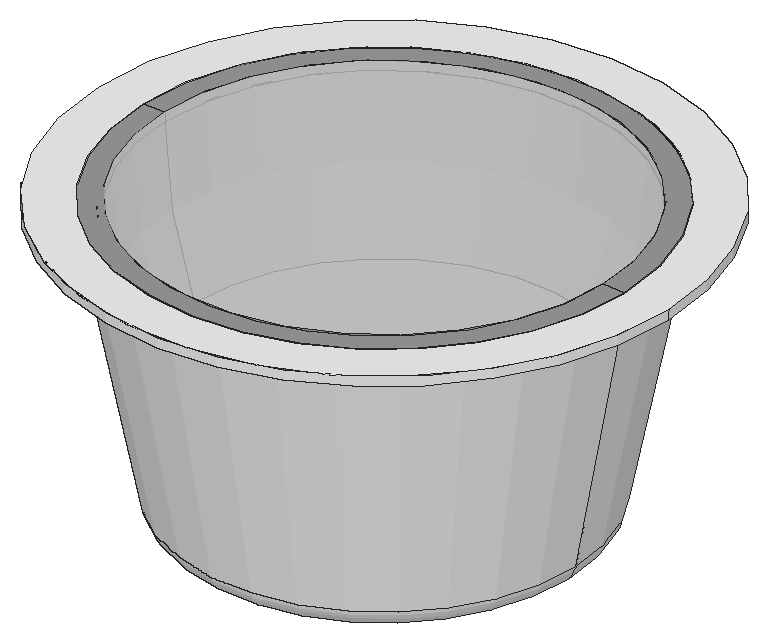
Revit family "2060557 Sylvania Lighting Fixture ASCENT 100 II ARCH 1900 4K DALI 160", category Lighting Fixtures, host Face, Revit 2016
Family settings
  Host = Face
  Part Type = Normal
  Round Connector Dimension = Use Diameter
  OmniClass Number = 23.80.70.11.17
  OmniClass Title = Specialized Lighting by Location or Use
  Cut with Voids When Loaded = No
  Light Source = Yes
  Shared = No
  Room Calculation Point = No
Parameters (values of type "2060557 ASCT100 II ARCH 1900 4K DALI 160")
  WidthBezelAcc_SYL = 25.0 mm
  Weight = "1.2 kg"
  Wattage = 17 W
  WarrantyStartDate [instance] = "n/a"
  WarrantyGuarantorParts = "n/a"
  WarrantyDurationUnit = "n/a"
  WarrantyDurationParts = "n/a"
  WarrantyDescription = "n/a"
  built-in parameter 1150110 = 1 (stored number, unit not read)
  Voltage = 0 V
  VisibilityAccessory_SYL = no
  TypeName = "ASCENT 100 II ARCH 1900 4K DALI 160"
  built-in parameter 1114217 = 1 (stored number, unit not read)
  Tilt Angle = -90°
  built-in parameter 1150109 = 1 (stored number, unit not read)
  built-in parameter 1150134 = 12
  built-in parameter 1150113 = 1 (stored number, unit not read)
  SerialNumber [instance] = "n/a"
  ReflectorRadius_SYL = Radius_SYL - 14.5 mm  # 80.0 mm
  RadiusAcc_SYL = 105.0 mm
  Radius_SYL = 94.5 mm
  URL = "http://www.sylvania-lighting.com"
  PowerFactor = 0
  PowerConsumption = "17 W"
  Photometric Web File = "2060557.ies"
  NominalWidth = 0.0 mm
  NominalLength = 0.0 mm
  NominalHeight = 94.0 mm
  Name = "ASCENT 100 II ARCH 1900 4K DALI 160"
  ModelReference = "ASCENT 100 II ARCH 1900 4K DALI 160"
  ModelNumber = "2060557"
  Material_4_SYL = none
  Material_3_SYL = Polycarbonate_Sylvania_Ascent_Opal
  Material_2_SYL = Aluminium_Sylvania_Ascent_Silver
  Material_1_SYL = Aluminum_Sylvania_Ascent_White
  Material = "aluminium housing, arcylic diffuser"
  ManufacturerName = "Feilo Sylvania"
  LuminousEfficacy = "113 lm/W"
  built-in parameter 1150105 = 152.87 (stored number, unit not read)
  Lumens = 1921 lm
  LuminaireType = ""
  built-in parameter 1150115 = 1 (stored number, unit not read)
  LightOutputRatio = "100"
  built-in parameter 1150137 = (empty or 0)
  built-in parameter 1150139 = (empty or 0)
  LampsType = Lamp  # "LED"
  LampNominalLuminous = "1921 lm"
  LampMacAdamStep = "3"
  LampColourTemperature = "4000 K"
  LampColourRenderingIndex = "80"
  built-in parameter 1150112 = 1 (stored number, unit not read)
  built-in parameter 1150114 = 1 (stored number, unit not read)
  Keynote = "16500"
  InstallationDate [instance] = "n/a"
  InputVoltage = "n/a"
  InputNominalFrequency = "n/a"
  built-in parameter 1150132 = (empty or 0)
  built-in parameter 1150102 = (empty or 0)
  built-in parameter 1150107 = 4000 (stored number, unit not read)
  built-in parameter 1150138 = (empty or 0)
  IngressProtection = "IP40"
  ImpactProtectionIndex = "IK02"
  built-in parameter 1150106 = 1.5287 (stored number, unit not read)
  IfcExportType = "IfcLightFixtureType"
  IfcExportAs = "IfcLightFixtureType"
  Height_SYL = 94.0 mm
  HeightAcc_SYL = 7.0 mm
  ExpectedLife = 50000
  EmittionSurface_SYL = if(VisibilityAccessory_SYL, 7.0 mm, 3.0 mm)  # 3.0 mm
  Emit from Circle Diameter = DiffuserRadius_SYL * 2  # 146.0 mm
  Emit Shape Visible in Rendering = no
  ElectricShockClassification = "Class II"
  built-in parameter 1150104 = 10.498 (stored number, unit not read)
  DurationUnit = "hours"
  DocumentationLiterature = "http://www.sylvania-lighting.com/product/en-int/products/2060557"
  DimmingControlOptions = "n/a"
  Dimming Lamp Color Temperature Shift = <None>
  DiffuserRadius_SYL = ReflectorRadius_SYL - 7.0 mm  # 73.0 mm
  Diameter_SYL = 2 * Radius_SYL  # 189.0 mm
  CutoutDiameter_SYL = Diameter_SYL - 13.0 mm  # 176.0 mm
  CreatedOn = "9/17/2018"
  CreatedBy = "@sylvania-lighting.com"
  Color Filter = 16777215
  built-in parameter 1114216 [instance] = 1 (stored number, unit not read)
  Model = "ASCENT 100 II ARCH 1900 4K DALI 160"
  Manufacturer = "Feilo Sylvania"
  Lamp = "LED"
  Description = "Direct LED retro fit for original LED 100 Arch (160) single CFL lamp offering Matching lumen levels and improved light distribution of original LED 100 CFL lamp equivalents Typically half the power consumption compared to CFL Up to 112lm/W 160mm aperture Architectural reflector accepts range of glass accessories from existing LED 100 Arch 160 offering HE, HO and VHO versions equivalent of single 1 x 18W, 1 x 32W, 1 x 42W\r\n Additional VVHO versions which offer the performance circa 2 x 32W equivalent"  # constant formula
  Default Elevation = 0.0 mm
  built-in parameter 1140040 [instance] = 1
  BarCode [instance] = "n/a"
  built-in parameter 1114218 = 1 (stored number, unit not read)
  built-in parameter 1150133 = 10 (stored number, unit not read)
  AssetType = "Fixed"
  AssetIdentifier [instance] = "n/a"
  Assembly Code = "D5020200"
  Apparent Load = 17 VA
  Aperture_SYL = 2 * ReflectorRadius_SYL  # 160.0 mm
Reference planes
  plane 1 "Center (Front/Back)": y = 0
  plane 2: z = 0
  plane 3 "Center (Left/Right)": x = 0
  plane 4 "Fixture Bottom": z = 3
  plane 5: z = -52.5
  plane 6 "Fixture Top": z = -91
  plane 7: x = -105
  plane 8: z = 7
  plane 9: x = -80
  plane 10: z = 5
  plane 11: x = -103
Forms (mm)
  Extrusion 1, solid, material "Aluminum_Sylvania_Ascent_White", detail levels fine
    sketch origin (0, 0, 0) x (1, 0, 0) y (0, 1, 0)
      loop
        circle (0, 0) r 94.5
      loop
        circle (0, 0) r 80
    from 0 to 3
  Extrusion 2, void
    sketch origin (0, 0, 0) x (1, 0, 0) y (0, 1, 0)
      loop
        circle (0, 0) r 88
    from -91 to 3
  Revolve 3, solid, material "Aluminum_Sylvania_Ascent_White" <- "Material_1_SYL", detail levels fine
    sketch origin (0, 0, 0) x (1, 0, 0) y (0, 0, 1)
      loop
        line (0, -91.073) -> (0, -89.023) -> (-55.468, -89.014)
        arc (-55.468, -89.014) -> (-59.352, -87.613) -> (-61.54, -84.139) r 6.307
        line (-61.54, -84.139) -> (-77.991, -2.844) -> (-77.991, 0) -> (-80, 0) -> (-80, -3) -> (-63.5, -84.536)
        arc (-63.5, -84.536) -> (-60.643, -89.203) -> (-55.5, -91.073) r 8.291
        line (-55.5, -91.073) -> (0, -91.073)
      axis (0, 0) -> (0, -91.073)
    angle from 0 to 360
  Revolve 4, solid, material "Aluminium_Sylvania_Ascent_Silver" <- "Material_2_SYL", detail levels fine
    sketch origin (0, 0, 0) x (1, 0, 0) y (0, 0, 1)
      loop
        line (-80, 3) -> (-80, 0) -> (-75, 0)
        arc (-75, 0) -> (-72.349, -26.77) -> (-64.5, -52.5) r 136.5
        line (-64.5, -52.5) -> (-58, -52.5)
        arc (-58, -52.5) -> (-56.857, -61.521) -> (-53.5, -69.971) r 36.166
        line (-53.5, -69.971) -> (0, -69.971) -> (0, -50.5) -> (-63.16, -50.5)
        arc (-63.16, -50.5) -> (-70.517, -25.725) -> (-73, 0) r 134.5
        line (-73, 0) -> (-73, 3) -> (-80, 3)
      axis (0, 3) -> (0, -69.971)
    angle from 0 to 360
  Extrusion 5, solid, material "Polycarbonate_Sylvania_Ascent_Opal" <- "Material_3_SYL", detail levels fine
    sketch origin (0, 0, 0) x (1, 0, 0) y (0, 1, 0)
      loop
        circle (0, 0) r 73
    from 0 to 3
  Revolve 6, solid, material "Aluminum_Sylvania_Ascent_White" <- "Material_1_SYL", detail levels coarse+medium
    sketch origin (0, 0, 0) x (1, 0, 0) y (0, 0, 1)
      loop
        line (0, -91.073) -> (0, 3) -> (-94.5, 3) -> (-94.5, 0) -> (-79.5, 0) -> (-79.5, -3) -> (-63, -84.536)
        arc (-63, -84.536) -> (-60.143, -89.203) -> (-55, -91.073) r 8.291
        line (-55, -91.073) -> (0, -91.073)
      axis (0, 3) -> (0, -91.073)
    angle from 0 to 360
  Revolve 7, solid, material "Aluminum_Sylvania_Ascent_White" <- "Material_1_SYL", visible <- "VisibilityAccessory_SYL"
    sketch origin (0, 0, 0) x (1, 0, 0) y (0, 0, 1)
      loop
        line (-105, 0) -> (-103, 0) -> (-103, 5) -> (-80, 5) -> (-80, 7) -> (-105, 7) -> (-105, 0)
      axis (0, 7) -> (0, 0)
    angle from 0 to 360
  Revolve 8, solid, material "Polycarbonate_Sylvania_Ascent_Opal" <- "Material_3_SYL", visible <- "VisibilityAccessory_SYL"
    sketch origin (0, 0, 0) x (1, 0, 0) y (0, 0, 1)
      loop
        line (-80, 7) -> (-80, 5) -> (0, 5) -> (0, 7) -> (-80, 7)
      axis (0, 7) -> (0, 5)
    angle from 0 to 360
Lines and regions (mm)
  reference lines
    curve 1: line (-150, 0, 3) -> (125, 0, 3)
Dimensions and locks
  locked: plane 4 "Fixture Bottom" to plane 2 at 3
  "Height_SYL": plane 4 "Fixture Bottom" to plane 6 "Fixture Top"
  "ReflectorRadius_SYL": plane 3 "Center (Left/Right)" to Revolve 4 sketch curve
  locked: Revolve 4 sketch curve to Revolve 4 sketch curve at 15.5
  locked: Revolve 4 sketch curve to Revolve 4 sketch curve at 5
  locked: Revolve 4 sketch curve to Revolve 4 sketch curve at 7
  locked: Revolve 4 sketch curve to Revolve 4 sketch curve at 22
  locked: Revolve 4 sketch curve to Revolve 4 sketch curve at 26.5
  locked: Revolve 3 sketch curve to Revolve 3 sketch curve at 16.5
  locked: Revolve 3 sketch curve to Revolve 3 sketch curve at 24.5
  "ReflectorRadius_SYL": Revolve 3 sketch curve to plane 3 "Center (Left/Right)"
  locked: Revolve 3 sketch curve to plane 6 "Fixture Top" at 6.464
  locked: plane 2 to Revolve 3 sketch curve at 3
  locked: Revolve 3 sketch curve to Revolve 3 sketch curve at 2
  locked: Revolve 3 sketch curve to Revolve 3 sketch curve at 2.009
  locked: plane 2 to plane 5 at 52.5
  locked: Revolve 6 sketch curve to Revolve 6 sketch curve at 31.5
  locked: Revolve 6 sketch curve to Revolve 6 sketch curve at 39.5
  locked: Revolve 6 sketch curve to Revolve 6 sketch curve at 15
  "Radius_SYL": plane 3 "Center (Left/Right)" to Revolve 6 sketch curve
  "RadiusAcc_SYL": plane 3 "Center (Left/Right)" to plane 7
  "HeightAcc_SYL": plane 8 to level
  "WidthBezelAcc_SYL": plane 7 to plane 9
  locked: plane 7 to plane 11 at 2
  locked: plane 8 to plane 10 at 2
  "EmittionSurface_SYL": curve 1 to level
  "CutoutDiameter_SYL": diameter of Extrusion 2 sketch curve
  "ReflectorRadius_SYL": radius of Extrusion 1 sketch curve
  "DiffuserRadius_SYL": radius of Extrusion 5 sketch curve
  "Radius_SYL": radius of Extrusion 1 sketch curve
  aligned and locked: host face to plane 2
  aligned and locked: host face to level
  aligned and locked: plane 4 "Fixture Bottom" to Extrusion 1
  aligned and locked: Extrusion 1 to plane 2
  aligned and locked: Revolve 3 sketch curve to plane 3 "Center (Left/Right)"
  aligned and locked: Revolve 4 sketch curve to plane 3 "Center (Left/Right)"  (x2)
  aligned and locked: plane 4 "Fixture Bottom" to Revolve 4 sketch curve
  aligned and locked: Extrusion 5 to plane 2
  aligned and locked: plane 2 to Revolve 3 sketch curve  (x2)
  aligned and locked: Revolve 6 sketch curve to plane 3 "Center (Left/Right)"
  aligned and locked: plane 6 "Fixture Top" to Extrusion 2
  aligned and locked: Revolve 7 sketch curve to plane 3 "Center (Left/Right)"
  aligned and locked: host face to Revolve 7 sketch curve  (x2)
  aligned and locked: Revolve 7 sketch curve to plane 7
  aligned and locked: plane 8 to Revolve 7 sketch curve
  aligned and locked: plane 9 to Revolve 7 sketch curve
  aligned and locked: Revolve 7 sketch curve to plane 10
  aligned and locked: plane 11 to Revolve 7 sketch curve
  aligned and locked: Revolve 7 to Revolve 8 sketch curve
  aligned and locked: Revolve 8 sketch curve to Revolve 7  (x2)
  aligned and locked: Revolve 8 sketch curve to plane 3 "Center (Left/Right)"  (x2)
  aligned and locked: plane 3 "Center (Left/Right)" to imposter light
  aligned and locked: imposter light to plane 1 "Center (Front/Back)"
  aligned and locked: imposter light to curve 1
Automatic sketch dimensions
  plane 1 "Center (Front/Back)" to Extrusion 2 sketch curve = 0.0 mm
  Extrusion 2 sketch curve to plane 3 "Center (Left/Right)" = 0.0 mm
  Extrusion 1 sketch curve to Extrusion 1 sketch curve = 0.0 mm  (x2)
  plane 1 "Center (Front/Back)" to Extrusion 1 sketch curve = 0.0 mm
  Extrusion 1 sketch curve to plane 3 "Center (Left/Right)" = 0.0 mm
  plane 6 "Fixture Top" to Revolve 3 sketch curve = 0.073 mm
  Revolve 3 sketch curve to plane 6 "Fixture Top" = 6.861 mm
  Revolve 3 sketch curve to Revolve 3 sketch curve = 0.003 mm
  Revolve 3 sketch curve to Revolve 3 sketch curve = 0.009 mm  (x2)
  Revolve 3 sketch curve to Revolve 3 sketch curve = 0.023 mm
  Revolve 3 sketch curve to Revolve 3 sketch curve = 0.072 mm
  Revolve 3 sketch curve to Revolve 3 sketch curve = 0.008 mm
  Revolve 3 sketch curve to plane 6 "Fixture Top" = 1.977 mm
  Revolve 3 sketch curve to Revolve 3 sketch curve = 33.496 mm
  Revolve 3 sketch curve to Revolve 3 sketch curve = 0.028 mm
  plane 4 "Fixture Bottom" to Revolve 3 sketch curve = 82.431 mm
  Revolve 4 sketch curve to Revolve 4 sketch curve = 0.0 mm  (x2)
  Revolve 4 sketch curve to plane 5 = 0.0 mm
  Revolve 4 sketch curve to level = 0.0 mm
  plane 5 to Revolve 4 sketch curve = 2.0 mm
  plane 4 "Fixture Bottom" to Revolve 4 sketch curve = 9.642 mm
  plane 1 "Center (Front/Back)" to Extrusion 5 sketch curve = 0.0 mm
  Extrusion 5 sketch curve to plane 3 "Center (Left/Right)" = 0.0 mm
  Revolve 4 sketch curve to level = 69.971 mm
  Revolve 4 sketch curve to Revolve 4 sketch curve = 2.387 mm
  Revolve 6 sketch curve to level = 0.0 mm
  Revolve 6 sketch curve to plane 3 "Center (Left/Right)" = 0.0 mm
  Revolve 6 sketch curve to Revolve 6 sketch curve = 8.104 mm
  Revolve 6 sketch curve to level = 3.0 mm
  Revolve 6 sketch curve to plane 6 "Fixture Top" = 6.464 mm
  plane 6 "Fixture Top" to Revolve 6 sketch curve = 0.073 mm
  Revolve 6 sketch curve to Revolve 6 sketch curve = 33.496 mm
  plane 4 "Fixture Bottom" to Revolve 6 sketch curve = 82.431 mm
  host sketch curve to host sketch curve = 1704.996 mm
  host sketch curve to host sketch curve = 1500.0 mm
  plane 6 "Fixture Top" to Revolve 7 sketch curve = 281.274 mm
  Revolve 7 sketch curve to plane 8 = 1140.706 mm
  plane 6 "Fixture Top" to Revolve 8 sketch curve = 281.274 mm
  Revolve 8 sketch curve to Revolve 8 sketch curve = 1140.706 mm
  Revolve 3 sketch curve to plane 3 "Center (Left/Right)" = 0.0 mm
  Revolve 6 sketch curve to plane 4 "Fixture Bottom" = 0.0 mm
  plane 7 to curve 1 = 45.0 mm
  plane 3 "Center (Left/Right)" to curve 1 = 125.0 mm
Connectors
  electrical at (0, 0, -91.073), driven by "Apparent Load"
    settings: on Revolve 3, index 1, voltage 240 V, apparent load 0 VA, apparent load phase1 17 VA, apparent load phase2 0 VA, apparent load phase3 0 VA, power factor 1, load classification "Lighting", number of poles 1, system type 31, power factor state 1, is connector primary yes, connector utility no, sub classification motor no, connector description ""
